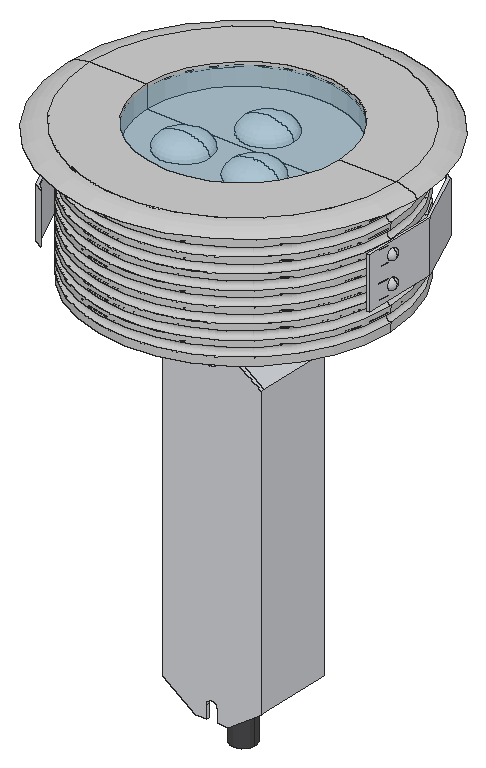
Revit family "SLIM INGROUND 6W SIMETRICO_LKB0326WW.20", category Luminarias, Revit 2019
Family settings
  Cota de conector redondo = Diámetro de uso
  Tipo de pieza = Normal
  Se basa en plano de trabajo = Sí
  Siempre vertical = No
  Corte con vacíos al cargar = No
  Origen de luz = Sí
  Compartido = No
  Punto de cálculo de habitación = No
Parameters (values of type "EMP_LKB0326WW.20")
  Ángulo de inclinación = 30.00°
  Ángulo de enfoque = 20.00°
  Ángulo de campo de foco = 20.00°
  Zone [instance] = ""
  Watt per fixture = 6.2
  Wattage = 6.2 W
  built-in parameter 1150107 = 3000 (stored number, unit not read)
  built-in parameter 1150110 = 1 (stored number, unit not read)
  built-in parameter 1150109 = 1 (stored number, unit not read)
  built-in parameter 1150112 = 1 (stored number, unit not read)
  built-in parameter 1150113 = 1 (stored number, unit not read)
  built-in parameter 1114218 = 1 (stored number, unit not read)
  Keynote = ""
  built-in parameter 1150137 = (empty or 0)
  built-in parameter 1150132 = (empty or 0)
  Modelo = "LKB0326WW.20"
  Lámpara = "OSRAM"
  Longitud de símbolo de origen de luz = 500 mm
  built-in parameter 1150105 = 5629.9 (stored number, unit not read)
  built-in parameter 1150102 = (empty or 0)
  built-in parameter 1150106 = 56.299 (stored number, unit not read)
  Lumens = 387.996 lm
  Color Filter = 16777215
  built-in parameter 1114217 = 1 (stored number, unit not read)
  built-in parameter 1150139 = (empty or 0)
  Fabricante = "BRILLANT"
  Default Elevation = 0 mm
  built-in parameter 1150104 = 5.8139 (stored number, unit not read)
  Descripción = "LUMINARIA TIPO CIRCULAR PARA EMPOTRAR EN PISO CON CUERPO DE ALUMINIO FUNDIDO A PRESION CUBIERTO CON POLVO GRIS OSCURO, CON CUBIERTA DE ACERO INOXIDABLE Y VIDRIO TEMPLADO DE 8MM, CON 116MM DE DIAMETRO Y 38MM DE PROFUNDIDAD, INSTALACION EMPOTRABLE EN PISO CON POCO ESPACIO, USO PARA INTERIORES COMO EXTERIORES CON IP 67, CUENTA CON 3 LED TIPO OSRAM CON UNA POTENCIA TOTAL DE 6.2W, A UNA TEMPERATURA EN BLANCO CALIDO 3000K CON 388 LUMENES, 89mA EN CORRIENTE DE OPERACIÓN, IK08, IRC 80, DISPONIBLE PARA ATENUAR EN TRIAC, APERTURA A 20 GRADOS POR PROYECTO, FUENTE REMOTA (INCLUIDA) CON 97MM DE LARGO POR 25MM DE ALTO POR 33MM DE ANCHO, ALIMENTADA A 100-240V."
  built-in parameter 1150115 = 1 (stored number, unit not read)
  built-in parameter 1150114 = 1 (stored number, unit not read)
  Comentarios de vataje = "100-240V"
  built-in parameter 1150138 = (empty or 0)
  built-in parameter 1150134 = (empty or 0)
  Circuit [instance] = ""
  Dimming Lamp Color Temperature Shift = (empty or 0)
  built-in parameter 1150133 = 10 (stored number, unit not read)
Reference planes
  plane 1 "Centro (Frontal/Posterior)": y = 0
  plane 2: z = 0
  plane 3 "Centro (Izquierda/Derecha)": x = 0
  plane 4: z = -38
  plane 5: z = -43
Forms (mm)
  Revolve 1, solid, material "Acero Inoxidable"
    sketch origin (0, 0, 0) x (1, 0, 0) y (0, 0, 1)
      loop
        line (-32.356, 2.379) -> (-51.186, 2.379)
        arc (-51.186, 2.379) -> (-54.974, 1.769) -> (-58.379, 0) r 12.065
        line (-58.379, 0) -> (-49.379, 0) -> (-49.379, -7.422)
        arc (-49.379, -7.422) -> (-47.881, -8.92) -> (-49.379, -10.419) r 1.499
        line (-49.379, -10.419) -> (-49.379, -12.422)
        arc (-49.379, -12.422) -> (-47.881, -13.92) -> (-49.379, -15.419) r 1.499
        line (-49.379, -15.419) -> (-49.379, -17.422)
        arc (-49.379, -17.422) -> (-47.881, -18.92) -> (-49.379, -20.419) r 1.499
        line (-49.379, -20.419) -> (-49.379, -22.422)
        arc (-49.379, -22.422) -> (-47.881, -23.92) -> (-49.379, -25.419) r 1.499
        line (-49.379, -25.419) -> (-49.379, -27.422)
        arc (-49.379, -27.422) -> (-47.881, -28.92) -> (-49.379, -30.419) r 1.499
        line (-49.379, -30.419) -> (-49.379, -32.422)
        arc (-49.379, -32.422) -> (-47.881, -33.92) -> (-49.379, -35.419) r 1.499
        line (-49.379, -35.419) -> (-49.379, -37.422)
        arc (-49.379, -37.422) -> (-47.881, -38.92) -> (-49.379, -40.419) r 1.499
        line (-49.379, -40.419) -> (-49.379, -43) -> (0, -43) -> (0, -5.045) -> (-32.356, -5.045) -> (-32.356, 2.379)
      axis (0, 2.379) -> (0, -43)
    angle from 0 to 360
  Extrusion 2, solid, material "Cristal"
    sketch origin (0, 0, 0) x (1, 0, 0) y (0, 1, 0)
      loop
        circle (0, 0) r 32.356
    from 0.921 to 1.499
  Revolve 3, solid
    sketch origin (93.878, -10.202, -77.173) x (-1, 0, 0) y (0, 0, 1)
      loop
        line (105.714, 77.128) -> (105.714, 72.128) -> (114.371, 72.128)
        spline (114.371, 72.128) -> (114.297, 72.781) -> (114.076, 73.422) -> (113.712, 74.042) -> (113.211, 74.628) -> (112.582, 75.172) -> (111.835, 75.664) -> (110.984, 76.095) -> (110.043, 76.458) -> (109.027, 76.748) -> (107.955, 76.958) -> (106.844, 77.085) -> (105.714, 77.128)
      axis (105.714, 72.128) -> (105.714, 77.128)
    angle from 0 to 360
  Revolve 4, solid
    sketch origin (-93.878, -10.202, -77.173) x (1, 0, 0) y (0, 0, 1)
      loop
        line (105.714, 77.128) -> (105.714, 72.128) -> (114.371, 72.128)
        spline (114.371, 72.128) -> (114.297, 72.781) -> (114.076, 73.422) -> (113.712, 74.042) -> (113.211, 74.628) -> (112.582, 75.172) -> (111.835, 75.664) -> (110.984, 76.095) -> (110.043, 76.458) -> (109.027, 76.748) -> (107.955, 76.958) -> (106.844, 77.085) -> (105.714, 77.128)
      axis (105.714, 72.128) -> (105.714, 77.128)
    angle from 0 to 360
  Revolve 5, solid
    sketch origin (-105.714, 10.202, -77.173) x (1, 0, 0) y (0, 0, -1)
      loop
        spline (105.714, -77.128) -> (106.844, -77.085) -> (107.955, -76.958) -> (109.027, -76.748) -> (110.043, -76.458) -> (110.984, -76.095) -> (111.835, -75.664) -> (112.582, -75.172) -> (113.211, -74.628) -> (113.712, -74.042) -> (114.076, -73.422) -> (114.297, -72.781) -> (114.371, -72.128)
        line (114.371, -72.128) -> (105.714, -72.128) -> (105.714, -77.128)
      axis (105.714, -72.128) -> (105.714, -77.128)
    angle from 0 to 360
  Extrusion 6, solid
    sketch origin (0, 0, 0) x (1, 0, 0) y (0, 1, 0)
      loop
        line (49.379, -10) -> (50.179, -10) -> (50.179, 15.17) -> (41.455, 34.765) -> (38.597, 36.492) -> (40.785, 34.304) -> (49.379, 15) -> (49.379, -10)
      loop
        line (-49.379, 10) -> (-50.179, 10) -> (-50.179, -15.17) -> (-41.455, -34.765) -> (-38.597, -36.492) -> (-40.785, -34.304) -> (-49.379, -15) -> (-49.379, 10)
    from -32.422 to -15.419
  Revolve 7, solid
    sketch origin (-21.949, -0.827, -124.707) x (0, 0, 1) y (-1, 0, 0)
      loop
        arc (105.714, -73.907) -> (106.972, -73.386) -> (107.494, -72.128) r 1.779
        line (107.494, -72.128) -> (105.714, -72.128) -> (105.714, -73.907)
      axis (105.714, -72.128) -> (105.714, -73.907)
    angle from 0 to 360
  Revolve 8, solid
    sketch origin (-21.949, -0.827, -133.613) x (0, 0, 1) y (-1, 0, 0)
      loop
        arc (105.714, -73.907) -> (106.972, -73.386) -> (107.494, -72.128) r 1.779
        line (107.494, -72.128) -> (105.714, -72.128) -> (105.714, -73.907)
      axis (105.714, -72.128) -> (105.714, -73.907)
    angle from 0 to 360
  Revolve 9, solid
    sketch origin (21.949, -0.827, -124.707) x (0, 0, 1) y (-1, 0, 0)
      loop
        line (105.714, 73.907) -> (105.714, 72.128) -> (107.494, 72.128)
        arc (107.494, 72.128) -> (106.972, 73.386) -> (105.714, 73.907) r 1.779
      axis (105.714, 72.128) -> (105.714, 73.907)
    angle from 0 to 360
  Revolve 10, solid
    sketch origin (21.949, -0.827, -133.613) x (0, 0, 1) y (-1, 0, 0)
      loop
        line (105.714, 73.907) -> (105.714, 72.128) -> (107.494, 72.128)
        arc (107.494, 72.128) -> (106.972, 73.386) -> (105.714, 73.907) r 1.779
      axis (105.714, 72.128) -> (105.714, 73.907)
    angle from 0 to 360
  Extrusion 11, solid
    sketch origin (0, 0, 0) x (1, 0, 0) y (0, 1, 0)
      loop
        line (-16.5, 12.961) -> (-16.5, -12.039) -> (16.5, -12.039) -> (16.5, 12.961) -> (-16.5, 12.961)
    from -163.604 to -66.792
  Extrusion 12, solid, material "Plastico"
    sketch origin (0, 0, 0) x (1, 0, 0) y (0, 1, 0)
      loop
        circle (0, 0) r 3.943
    from -66.792 to -43
  Extrusion 13, solid, material "Plastico"
    sketch origin (0, 0, 0) x (1, 0, 0) y (0, 1, 0)
      loop
        circle (0, 0) r 3.943
    from -183.076 to -163.604
  Extrusion 14, solid
    sketch origin (0, 0, 0) x (1, 0, 0) y (0, 1, 0)
      loop
        line (0, 5) -> (-4.33, 2.5) -> (-4.33, -2.5) -> (0, -5) -> (4.33, -2.5) -> (4.33, 2.5) -> (0, 5)
    from -167.291 to -64.236
  Extrusion 15, solid
    sketch origin (0, 0, 0) x (1, 0, 0) y (0, 0, 1)
      loop
        line (-16.5, -66.792) -> (-16.5, -163.604) -> (-5.388, -171.384) -> (-1.803, -171.384) -> (-1.803, -167.031)
        arc (-1.803, -167.031) -> (0, -165.228) -> (1.803, -167.031) r 1.803
        line (1.803, -167.031) -> (1.803, -171.384) -> (5.388, -171.384) -> (16.5, -163.604) -> (16.5, -66.792) -> (5.388, -59.012) -> (1.803, -59.012) -> (1.803, -63.365)
        arc (1.803, -63.365) -> (0, -65.168) -> (-1.803, -63.365) r 1.803
        line (-1.803, -63.365) -> (-1.803, -59.012) -> (-5.388, -59.012) -> (-16.5, -66.792)
    from 12.039 to 13.095
Cuts and joins
  joined: Extrusion 11, Extrusion 15
Dimensions and locks
  plane 2 to plane 5 = 43 mm
  Revolve 1 sketch curve to Revolve 1 sketch curve = 58.379 mm
  Extrusion 11 to Extrusion 11 = 96.811 mm
  Extrusion 11 to Extrusion 11 = 33 mm
  aligned and locked: level to plane 2
Connectors
  electrical at (0, 0, -183.076)
    settings: on Extrusion 13, index 1, voltage 240 V, apparent load 0 VA, apparent load phase1 0 VA, apparent load phase2 0 VA, apparent load phase3 0 VA, power factor 1, load classification "Otro", number of poles 1, system type 31, power factor state 1, is connector primary yes, connector utility no, sub classification motor no, connector description ""
